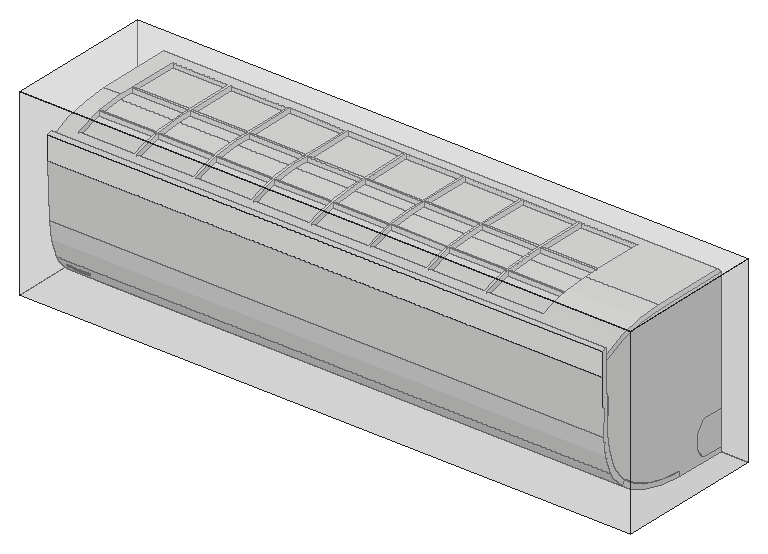
Revit family "outputfile", category 機械設備, Revit 2024
Family settings
  丸型コネクタ寸法 = 半径を使用
  パーツ タイプ = 標準
  OmniClass 番号 = 23.75.10.24.21.27.27
  OmniClass タイトル = Split System Air Conditioning Units
  作業面ベース = いいえ
  常に垂直 = はい
  ロード時にボイドで切り取り = いいえ
  注釈の向きを維持 = いいえ
  共有 = いいえ
  部屋計算ポイント = いいえ
Parameters (values of type "FTKM60XVMG")
  Description = ""
  書き出し IFC クラス(タイプ) = "IfcUnitaryEquipmentType"
  定義済み IFC タイプ(タイプ) = "AIRCONDITIONINGUNIT"
  Cost = 0
  Type Comments = ""
  Keynote = ""
  Type Image = (empty or 0)
  Assembly Code = ""
  w_wall hole = if(Width = 770.0 mm, 48.0 mm, 60.0 mm)  # 60.0 mm
  製造元 = "Daikin"
  モデル = "FTKM60XVMG"
  switch_frequency = yes
  r_Liquid Pipe Size = Liquid Pipe Size / 2  # 3.2 mm
  r_Gas Pipe Size = Gas Pipe Size / 2  # 7.95 mm
  r_Drain Pipe Size = Drain Pipe Size / 2  # 8.0 mm
  lw_powersupply [instance] = if(Width = 770.0 mm, if(or(Rear Right Connection_refrigerant, Bottom Right Connection_refrigerant), 25.0 mm, if(or(Rear Left Connection_refrigerant, Bottom Left Connection_refrigerant), 745.0 mm, 400.0 mm)), if(Width = 990.0 mm, if(or(Rear Right Connection_refrigerant, Bottom Right Connection_refrigerant), 40.0 mm, if(or(Rear Left Connection_refrigerant, Bottom Left Connection_refrigerant), 920.0 mm, 400.0 mm)), if(or(Rear Right Connection_refrigerant, Bottom Right Connection_refrigerant), 40.0 mm, if(or(Rear Left Connection_refrigerant, Bottom Left Connection_refrigerant), 920.0 mm, 400.0 mm))))  # 400.0 mm
  lw_liquidpipe [instance] = if(Width = 770.0 mm, if(or(Rear Right Connection_refrigerant, Bottom Right Connection_refrigerant), 0.0 mm, if(or(Rear Left Connection_refrigerant, Bottom Left Connection_refrigerant), 664.0 mm, 385.0 mm)), if(Width = 990.0 mm, if(or(Rear Right Connection_refrigerant, Bottom Right Connection_refrigerant), 0.0 mm, if(or(Rear Left Connection_refrigerant, Bottom Left Connection_refrigerant), 664.0 mm + (990.0 mm - 770.0 mm), 475.0 mm)), if(or(Rear Right Connection_refrigerant, Bottom Right Connection_refrigerant), 0.0 mm, if(or(Rear Left Connection_refrigerant, Bottom Left Connection_refrigerant), 664.0 mm + (990.0 mm - 770.0 mm), 475.0 mm))))  # 475.0 mm
  lw_gaspipe [instance] = if(Width = 770.0 mm, if(or(Rear Right Connection_refrigerant, Bottom Right Connection_refrigerant), 0.0 mm, if(or(Rear Left Connection_refrigerant, Bottom Left Connection_refrigerant), 675.0 mm, if(Gas Pipe Size = 12.7 mm, 345.0 mm, 335.0 mm))), if(Width = 990.0 mm, if(or(Rear Right Connection_refrigerant, Bottom Right Connection_refrigerant), 10.0 mm, if(or(Rear Left Connection_refrigerant, Bottom Left Connection_refrigerant), 890.0 mm, if(Gas Pipe Size = 15.9 mm, 400.0 mm, 400.0 mm))), if(or(Rear Right Connection_refrigerant, Bottom Right Connection_refrigerant), 10.0 mm, if(or(Rear Left Connection_refrigerant, Bottom Left Connection_refrigerant), 890.0 mm, if(Gas Pipe Size = 15.9 mm, 400.0 mm, 400.0 mm)))))  # 400.0 mm
  lw_drainpipe [instance] = if(Width = 770.0 mm, if(or(Rear Right Connection_refrigerant, Bottom Right Connection_refrigerant), 0.0 mm, if(or(Rear Left Connection_refrigerant, Bottom Left Connection_refrigerant), 770.0 mm - 48.0 mm - 48.0 mm, 440.0 mm)), if(Width = 990.0 mm, if(or(Rear Right Connection_refrigerant, Bottom Right Connection_refrigerant), 0.0 mm, if(or(Rear Left Connection_refrigerant, Bottom Left Connection_refrigerant), 675.0 mm + (990.0 mm - 770.0 mm), 435.0 mm)), if(or(Rear Right Connection_refrigerant, Bottom Right Connection_refrigerant), 0.0 mm, if(or(Rear Left Connection_refrigerant, Bottom Left Connection_refrigerant), 675.0 mm + (990.0 mm - 770.0 mm), 435.0 mm))))  # 435.0 mm
  l_powersupply_length [instance] = if(Width = 770.0 mm, if(Right Connection_refrigerant, 400.0 mm, if(Left Connection_refrigerant, 770.0 mm - 400.0 mm, if(or(Rear Left Connection_refrigerant, Rear Right Connection_refrigerant), 15.0 mm, 50.0 mm))), if(Width = 990.0 mm, if(Right Connection_refrigerant, 400.0 mm, if(Left Connection_refrigerant, 990.0 mm - 400.0 mm, if(or(Rear Left Connection_refrigerant, Rear Right Connection_refrigerant), 15.0 mm, 50.0 mm))), if(Right Connection_refrigerant, 400.0 mm, if(Left Connection_refrigerant, 990.0 mm - 400.0 mm, if(or(Rear Left Connection_refrigerant, Rear Right Connection_refrigerant), 15.0 mm, 50.0 mm)))))  # 400.0 mm
  l_liquidpipe_length [instance] = if(Width = 770.0 mm, if(Right Connection_refrigerant, 433.0 mm, if(Left Connection_refrigerant, 337.0 mm, if(or(Rear Left Connection_refrigerant, Rear Right Connection_refrigerant), 30.0 mm, 40.0 mm))), if(Width = 990.0 mm, if(Right Connection_refrigerant, 535.0 mm, if(Left Connection_refrigerant, 455.0 mm, if(or(Rear Left Connection_refrigerant, Rear Right Connection_refrigerant), 30.0 mm, 40.0 mm))), if(Right Connection_refrigerant, 535.0 mm, if(Left Connection_refrigerant, 455.0 mm, if(or(Rear Left Connection_refrigerant, Rear Right Connection_refrigerant), 30.0 mm, 40.0 mm)))))  # 535.0 mm
  l_gaspipe_length [instance] = if(Width = 770.0 mm, if(Right Connection_refrigerant, if(Gas Pipe Size = 12.7 mm, 393.0 mm, 383.0 mm), if(Left Connection_refrigerant, if(Gas Pipe Size = 12.7 mm, 770.0 mm - 393.0 mm, 770.0 mm - 383.0 mm), if(or(Rear Left Connection_refrigerant, Rear Right Connection_refrigerant), 40.0 mm, 50.0 mm))), if(Width = 990.0 mm, if(Right Connection_refrigerant, if(Gas Pipe Size = 15.9 mm, 460.0 mm, 460.0 mm), if(Left Connection_refrigerant, if(Gas Pipe Size = 15.9 mm, 990.0 mm - 460.0 mm, 990.0 mm - 460.0 mm), if(or(Rear Left Connection_refrigerant, Rear Right Connection_refrigerant), 40.0 mm, 50.0 mm))), if(Right Connection_refrigerant, if(Gas Pipe Size = 15.9 mm, 460.0 mm, 460.0 mm), if(Left Connection_refrigerant, if(Gas Pipe Size = 15.9 mm, 990.0 mm - 460.0 mm, 990.0 mm - 460.0 mm), if(or(Rear Left Connection_refrigerant, Rear Right Connection_refrigerant), 40.0 mm, 50.0 mm)))))  # 460.0 mm
  l_drainpipe_length [instance] = if(Width = 770.0 mm, if(Right Connection_refrigerant, 488.0 mm, if(Left Connection_refrigerant, 282.0 mm, if(or(Rear Left Connection_refrigerant, Rear Right Connection_refrigerant), 15.0 mm, 20.0 mm))), if(Width = 990.0 mm, if(Right Connection_refrigerant, 495.0 mm, if(Left Connection_refrigerant, 495.0 mm, if(or(Rear Left Connection_refrigerant, Rear Right Connection_refrigerant), 15.0 mm, 20.0 mm))), if(Right Connection_refrigerant, 495.0 mm, if(Left Connection_refrigerant, 495.0 mm, if(or(Rear Left Connection_refrigerant, Rear Right Connection_refrigerant), 15.0 mm, 20.0 mm)))))  # 495.0 mm
  h*** = 0.0 mm  # constant formula
  connector_voltage = Voltage_50Hz  # 230 V
  connector_powerinput = [Power Input (Cooling)]  # 0.000 kW
  connector_phase = Phase_50Hz  # 1
  angle_vertical [instance] = if(or(Bottom Left Connection_refrigerant, Bottom Right Connection_refrigerant), 0.00°, 90.00°)  # 90.00°
  angle_horizontal [instance] = if(Right Connection_refrigerant, 90.00°, if(Left Connection_refrigerant, -90.00°, if(or(Rear Left Connection_refrigerant, Rear Right Connection_refrigerant), 180.00°, 0.00°)))  # 90.00°
  Width = 990.0 mm
  Voltage_comment_50Hz = "220 - 240"
  Voltage_50Hz = 230 V
  Version = "ver.1.0"
  Unit Type = "Wall Mounted"
  Unit Mass Weight = 13.00 kg
  Unit Designation [instance] = ""
  Uniclass2015Version = "Products v1.30"
  Uniclass2015Title = "Split coil room air conditioning units"
  Uniclass2015Code = "Pr_70_65_03_86"
  URL = ""
  Total Cooling Capacity [instance] = 0.000 kW
  Sound Pressure Level_M speed (dBA) = 40
  Sound Pressure Level_L speed (dBA) = 35
  Sound Pressure Level_H speed (dBA) = 48
  Sound Power Level_H speed (dB) = 0
  Series = "Single Split_Fan Coil Unit"
  Sensible Cooling Capacity [instance] = 0.000 kW
  Refrigerant Type = "R32"
  Power Input (Cooling) = 0.000 kW
  Phase_50Hz = 1
  Option Accessory 3 [instance] = ""
  Option Accessory 2 [instance] = ""
  Option Accessory 1 [instance] = ""
  Nominal Cooling Capacity = 6.000 kW
  Minimum Circuit Amps_50Hz = 0.0 A
  Minimum Airflow = 648.00 m³/h
  Median Airflow = 876.00 m³/h
  Maximum Fuse Amps_50Hz = 0.0 A
  Maximum Airflow = 1140.00 m³/h
  Material_Casing = DAIKIN_White_Casing_indoorunit
  Load Classification = HVAC
  Liquid Pipe Size = 6.4 mm
  Link_Nested Family [instance] = ""
  IfcVersion = ""
  IfcExportType = "AIRCONDITIONINGUNIT"
  IfcExportAs = "IfcUnitaryEquipmentType"
  Height = 295.0 mm
  Heat Exchanger Type = "Cross Fin Coil"
  Gas Pipe Size = 15.9 mm
  Frequency_50Hz = 50 Hz
  Fan Type = "Cross Flow Fan"
  Fan Drive = "Direct Drive"
  FCU Tag No. [instance] = ""
  Drain Pipe Size = 16.0 mm
  Design Supply Airflow [instance] = 0.00 m³/h
  Depth = 263.0 mm
  既定の高さ = 0.0 mm
  Cooling Entering Wet Bulb Temperature [instance] = 0.00 °C
  Cooling Entering Dry Bulb Temperature [instance] = 0.00 °C
  Cooling Ambient Wet Bulb Temperature [instance] = 0.00 °C
  Cooling Ambient Dry Bulb Temperature [instance] = 0.00 °C
  Clearance visibility [instance] = yes
  Clearance Top = 30.0 mm
  Clearance Right = 50.0 mm
  Clearance Rear = 0.0 mm
  Clearance Left = 50.0 mm
  Clearance Front = 0.0 mm
  Clearance Bottom = 0.0 mm
  Bottom Right Connection_refrigerant [instance] = no
  Bottom Left Connection_refrigerant [instance] = no
  Rear Right Connection_refrigerant [instance] = no
  Rear Left Connection_refrigerant [instance] = no
  Right Connection_refrigerant [instance] = yes
  Left Connection_refrigerant [instance] = no
Reference planes
  plane 1 "Back": y = 0
  plane 2: z = 0
  plane 3 "Center (Left/Right)": x = 0
  plane 4 "Center (Front/Back)": y = -131.5
  plane 5 "Front": y = -263
  plane 6 "Left": x = -495
  plane 7 "Right": x = 495
  plane 8 "Top": z = 0
  plane 9 "Bottom": z = -295
  plane 10: x = -545
  plane 11: x = 545
  plane 12: y = 0
  plane 13: y = -263
  plane 14: z = 30
  plane 15: z = -295
  plane 16 "lw_Piping and Wiring intake": x = 435
  plane 17 "lw_gaspipe": x = 35
  plane 18 "lw_liquidpipe": x = -40
  plane 19 "lw_drainpipe": x = 0
  plane 20 "lh_drainpipe": z = -275
  plane 21 "lh_liquidpipe": z = -255
  plane 22 "lh_gaspipe": z = -245
  plane 23 "ld_drainpipe": y = -15
  plane 24 "ld_liquidpipe": y = -30
  plane 25 "ld_gaspipe": y = -40
  plane 26 "lw_powersupply": x = 95
Dimensions and locks
  equal spacing: plane 6 "Left", plane 3 "Center (Left/Right)", plane 7 "Right"
  "Width": plane 6 "Left" to plane 7 "Right"
  equal spacing: plane 5 "Front", plane 4 "Center (Front/Back)", plane 1 "Back"
  "Depth": plane 5 "Front" to plane 1 "Back"
  "Height": plane 8 "Top" to plane 9 "Bottom"
  "Clearance Rear": plane 12 to plane 1 "Back"
  "Clearance Front": plane 13 to plane 5 "Front"
  "Clearance Top": plane 14 to plane 8 "Top"
  "Clearance Bottom": plane 9 "Bottom" to plane 15
  "w_wall hole": plane 16 "lw_Piping and Wiring intake" to plane 7 "Right"
  "lw_gaspipe": plane 17 "lw_gaspipe" to plane 16 "lw_Piping and Wiring intake"
  "lw_liquidpipe": plane 18 "lw_liquidpipe" to plane 16 "lw_Piping and Wiring intake"
  "lw_drainpipe": plane 19 "lw_drainpipe" to plane 16 "lw_Piping and Wiring intake"
  locked: plane 20 "lh_drainpipe" to plane 9 "Bottom" at 20
  locked: plane 21 "lh_liquidpipe" to plane 9 "Bottom" at 40
  locked: plane 22 "lh_gaspipe" to plane 9 "Bottom" at 50
  locked: plane 23 "ld_drainpipe" to plane 1 "Back" at 15
  locked: plane 1 "Back" to plane 24 "ld_liquidpipe" at 30
  locked: plane 1 "Back" to plane 25 "ld_gaspipe" at 40
  "lw_powersupply": plane 26 "lw_powersupply" to plane 7 "Right"
  "Clearance Left": plane 10 to plane 6 "Left"
  "Clearance Right": plane 7 "Right" to plane 11
  aligned and locked: level to plane 2
  aligned and locked: plane 12 to nested 1
  aligned and locked: nested 1 to plane 13
  aligned and locked: plane 10 to nested 1
  aligned and locked: plane 11 to nested 1
  aligned and locked: plane 15 to nested 1
  aligned and locked: plane 14 to nested 1
  aligned and locked: plane 17 "lw_gaspipe" to nested 2
  aligned and locked: nested 2 to plane 25 "ld_gaspipe"
  aligned and locked: plane 18 "lw_liquidpipe" to nested 3
  aligned and locked: nested 3 to plane 24 "ld_liquidpipe"
  aligned and locked: plane 19 "lw_drainpipe" to nested 4
  aligned and locked: nested 4 to plane 23 "ld_drainpipe"
  aligned and locked: nested 5 to plane 23 "ld_drainpipe"
  aligned and locked: plane 26 "lw_powersupply" to nested 5
  aligned and locked: level to plane 8 "Top"
  aligned and locked: plane 3 "Center (Left/Right)" to nested 6
  aligned and locked: plane 1 "Back" to nested 6
  aligned and locked: plane 8 "Top" to nested 6
Nested families
  nested 1: "daikin_clearancespace" at (0, -131.5, -132.381), show <- "Clearance visibility", visible <- "Clearance visibility", Link_Nested Family <- "Link_Nested Family", type "daikin_clearancespace"
    with width 1090.0 mm, show yes, height 325.0 mm, depth 263.0 mm, Link_Nested Family ""
  nested 2: "daikin_connector_rotate3" at (35, -40, -245), angle_vertical <- "angle_vertical", angle_horizontal <- "angle_horizontal", length <- "l_gaspipe_length", radius <- "r_Gas Pipe Size", type "daikin_connector_rotate3"
    with show no, radius 7.95 mm, length 460.0 mm, angle_vertical 90.00°, angle_horizontal 90.00°
  nested 3: "daikin_connector_rotate3" at (-40, -30, -255), angle_vertical <- "angle_vertical", angle_horizontal <- "angle_horizontal", radius <- "r_Liquid Pipe Size", length <- "l_liquidpipe_length", type "daikin_connector_rotate3"
    with show no, radius 3.2 mm, length 535.0 mm, angle_vertical 90.00°, angle_horizontal 90.00°
  nested 4: "daikin_connector_rotate3" at (0, -15, -275), angle_vertical <- "angle_vertical", angle_horizontal <- "angle_horizontal", length <- "l_drainpipe_length", radius <- "r_Drain Pipe Size", type "daikin_connector_rotate3"
    with show no, radius 8.0 mm, length 495.0 mm, angle_vertical 90.00°, angle_horizontal 90.00°
  nested 5: "daikin_connector_rotate3" at (95, -15, -245), angle_vertical <- "angle_vertical", angle_horizontal <- "angle_horizontal", length <- "l_powersupply_length", type "daikin_connector_rotate3"
    with show no, radius 10.0 mm, length 400.0 mm, angle_vertical 90.00°, angle_horizontal 90.00°
  nested 6: "DAIKIN_indoorunit_FTKM-XVMG" at (-31, 0, 0), type "FTKM-XVMG"
    with switch_unit1_50-71 yes, switch_unit1_25-35 no, Width 990.0 mm, WALL HOLE-R 60.0 mm, WALL HOLE Size 80.0 mm, Height 295.0 mm
Connectors
  piping at (495, -40, -245), diameter 15.9, driven by "r_Gas Pipe Size"
    settings: on nested 2, index 1, connector inside diameter 609.6 mm, connector length 0.0 mm, flow factor 0, pipe flow 0.00 m³/h, pressure drop 0.0 Pa, fitting loss kfactor 0, connector angle 0.00°, fixture units 0, engagement length 0.0 mm, angle of deflection 0.00°, flow configuration 1, flow direction 2, fitting loss method 0, system type 29, joint type 0, gender type 0, connector reference index -1, connector utility 0, adjustable connector no, is connector primary yes, connector description "Refrigerant Gas Piping"
  piping at (495, -30, -255), diameter 6.4, driven by "r_Liquid Pipe Size"
    settings: on nested 3, index 2, connector inside diameter 609.6 mm, connector length 0.0 mm, flow factor 0, pipe flow 0.00 m³/h, pressure drop 0.0 Pa, fitting loss kfactor 0, connector angle 0.00°, fixture units 0, engagement length 0.0 mm, angle of deflection 0.00°, flow configuration 1, flow direction 1, fitting loss method 0, system type 29, joint type 0, gender type 0, connector reference index -1, connector utility 0, adjustable connector no, is connector primary no, connector description "Refrigerant Liquid Piping"
  piping at (495, -15, -275), diameter 16, driven by "r_Drain Pipe Size"
    settings: on nested 4, index 3, connector inside diameter 609.6 mm, connector length 0.0 mm, flow factor 0, pipe flow 0.00 m³/h, pressure drop 0.0 Pa, fitting loss kfactor 0, connector angle 0.00°, fixture units 0, engagement length 0.0 mm, angle of deflection 0.00°, flow configuration 1, flow direction 2, fitting loss method 4, system type 16, joint type 0, gender type 0, connector reference index -1, connector utility 0, adjustable connector no, is connector primary no, connector description "Condensate Drain Piping"
  electrical at (495, -15, -245), driven by "Load Classification", driven by "connector_powerinput", driven by "connector_voltage", driven by "connector_phase"
    settings: on nested 5, index 4, voltage 230 V, apparent load 0 VA, apparent load phase1 0 VA, apparent load phase2 0 VA, apparent load phase3 0 VA, power factor 1, load classification "HVAC", number of poles 1, system type 30, power factor state 1, is connector primary yes, connector utility no, sub classification motor no, connector description "Power Supply"
Definition of nested family "daikin_clearancespace"
  Parameters (values of type "daikin_clearancespace")
    Description = "daikin_clearancespace"
    width [instance] = 1823.963 mm
    show [instance] = yes
    material = none
    height [instance] = 1359.762 mm
    depth [instance] = 880.0 mm
    Default Elevation = 0.0 mm
    Link_Nested Family [instance] = ""
  Reference planes
    plane 1 "Center (Front/Back)": y = 0
    plane 2 "Center (Elevation)": z = -0.119
    plane 3 "Center (Left/Right)": x = 0
    plane 4: y = 440
    plane 5: y = -440
    plane 6 "Right": x = 911.982
    plane 7 "Left": x = -911.982
    plane 8 "Top": z = 679.762
    plane 9 "Bottom": z = -680
  Forms (mm)
    Extrusion 1, solid, material <- "material", visible <- "show"
      sketch origin (0, 0, 0) x (1, 0, 0) y (0, 1, 0)
        loop
          line (-911.982, 440) -> (-911.982, -440) -> (911.982, -440) -> (911.982, 440) -> (-911.982, 440)
      from -680 to 679.762
  Lines and regions (mm)
    symbolic lines, visible <- "show"
      curve 1: line (911.982, 440, 0) -> (-911.982, 440, 0)
      curve 2: line (-911.982, 440, 0) -> (-911.982, -440, 0)
      curve 3: line (-911.982, -440, 0) -> (911.982, -440, 0)
      curve 4: line (911.982, -440, 0) -> (911.982, 440, 0)
      curve 5: line (911.982, 0, 679.762) -> (-911.982, 0, 679.762)
      curve 6: line (911.982, 0, -680) -> (911.982, 0, 679.762)
      curve 7: line (-911.982, 0, -680) -> (911.982, 0, -680)
      curve 8: line (-911.982, 0, 679.762) -> (-911.982, 0, -680)
      curve 9: line (0, 440, 679.762) -> (0, -440, 679.762)
      curve 10: line (0, -440, 679.762) -> (0, -440, -680)
      curve 11: line (0, 440, -680) -> (0, 440, 679.762)
      curve 12: line (0, -440, -680) -> (0, 440, -680)
  Dimensions and locks
    "width": plane 7 "Left" to plane 6 "Right"
    "depth": plane 4 to plane 5
    "height": plane 8 "Top" to plane 9 "Bottom"
    equal spacing: plane 7 "Left", plane 3 "Center (Left/Right)", plane 6 "Right"
    equal spacing: plane 4, plane 1 "Center (Front/Back)", plane 5
    equal spacing: plane 8 "Top", plane 2 "Center (Elevation)", plane 9 "Bottom"
    aligned and locked: level to plane 2 "Center (Elevation)"
    aligned and locked: Extrusion 1 sketch curve to plane 4
    aligned and locked: plane 7 "Left" to Extrusion 1 sketch curve
    aligned and locked: Extrusion 1 sketch curve to plane 5
    aligned and locked: Extrusion 1 sketch curve to plane 6 "Right"
    aligned and locked: plane 8 "Top" to Extrusion 1
    aligned and locked: curve 1 to Extrusion 1
    aligned and locked: curve 2 to Extrusion 1
    aligned and locked: curve 3 to Extrusion 1
    aligned and locked: curve 4 to Extrusion 1
    aligned and locked: curve 5 to Extrusion 1
    aligned and locked: curve 6 to Extrusion 1
    aligned and locked: curve 7 to Extrusion 1
    aligned and locked: curve 8 to Extrusion 1
    aligned and locked: curve 9 to Extrusion 1
    aligned and locked: curve 10 to Extrusion 1
    aligned and locked: curve 11 to Extrusion 1
    aligned and locked: curve 12 to Extrusion 1
    aligned and locked: Extrusion 1 to plane 9 "Bottom"
Definition of nested family "DAIKIN_indoorunit_FTKM-XVMG"
  Parameters (values of type "FTKM-XVMG")
    switch_unit1_50-71 = Width = 990.0 mm  # no
    switch_unit1_25-35 = Width = 770.0 mm  # yes
    Width = 770.0 mm
    WALL HOLE-R = if(Width = 770.0 mm, 48.0 mm, 60.0 mm)  # 48.0 mm
    WALL HOLE Size = if(Width = 770.0 mm, 65.0 mm, 80.0 mm)  # 65.0 mm
    Material_Casing = none
    Height = if(Width = 770.0 mm, 285.0 mm, 295.0 mm)  # 285.0 mm
    Default Elevation = 0.0 mm
  Reference planes
    plane 1 "Center (Front/Back)": y = 0
    plane 2 "reference_level": z = 0
    plane 3 "Center (Left/Right)": x = 31
    plane 4: x = -354
    plane 5: x = 416
    plane 6: z = -285
  Forms (mm)
    Extrusion 1, solid, material <- "Material_Casing", visible <- "switch_unit1_25-35"
      sketch origin (29, 0, 0) x (0, 1, 0) y (0, 0, 1)
        loop
          line (-5, 0) -> (-98, 0)
          arc (-98, 0) -> (-157.611, -7.211) -> (-213.783, -28.427) r 250
          arc (-213.783, -28.427) -> (-213.842, -32.972) -> (-213.892, -37.516) r 2191
          arc (-213.892, -37.516) -> (-157.832, -15.495) -> (-98.07, -8) r 242
          line (-98.07, -8) -> (0, -8) -> (-5, 0)
      from -383 to 387
    Extrusion 2, solid, material <- "Material_Casing", visible <- "switch_unit1_25-35"
      sketch origin (416, 1296.25, 1200) x (0, 1, 0) y (0, 0, 1)
        loop
          line (-1472.998, -1446.91) -> (-1476.998, -1453.839)
          arc (-1476.998, -1453.839) -> (-1437.481, -1472.422) -> (-1395.25, -1483.538) r 240
          line (-1395.25, -1483.538) -> (-1395.25, -1475.422)
          arc (-1395.25, -1475.422) -> (-1435.407, -1464.663) -> (-1472.998, -1446.91) r 232
      from 0 to -47.5
    Extrusion 3, solid, material <- "Material_Casing", visible <- "switch_unit1_25-35"
      sketch origin (29, 0, 0) x (0, 1, 0) y (0, 0, 1)
        loop
          arc (-223, -60.455) -> (-222.414, -110.646) -> (-220.656, -160.81) r 2149.92
          arc (-220.656, -160.81) -> (-219.65, -174.299) -> (-217.853, -187.706) r 229.911
          arc (-217.853, -187.706) -> (-205.371, -223.594) -> (-181.517, -253.17) r 111
          line (-181.517, -253.17) -> (-177.429, -246.093)
          arc (-177.429, -246.093) -> (-198.77, -218.989) -> (-209.965, -186.36) r 103
          arc (-209.965, -186.36) -> (-211.681, -173.586) -> (-212.651, -160.735) r 221.844
          arc (-212.651, -160.735) -> (-214.739, -93.233) -> (-214.74, -25.699) r 2186.828
          arc (-214.74, -25.699) -> (-214.671, -21.467) -> (-214.594, -17.235) r 2192
          line (-214.594, -17.235) -> (-223, -19.961) -> (-223, -60.455)
      from -383 to 387
    Extrusion 4, solid, material <- "Material_Casing", visible <- "switch_unit1_25-35"
      sketch origin (29, 0, -20) x (0, 1, 0) y (0, 0, 1)
        loop
          line (0, -265) -> (0, 12) -> (-98.07, 12)
          arc (-98.07, 12) -> (-157.832, 4.505) -> (-213.892, -17.516) r 242
          arc (-213.892, -17.516) -> (-213.638, -79.114) -> (-211.653, -140.681) r 2191
          arc (-211.653, -140.681) -> (-210.685, -153.501) -> (-208.973, -166.243) r 221
          arc (-208.973, -166.243) -> (-197.471, -199.282) -> (-175.482, -226.491) r 102
          arc (-175.482, -226.491) -> (-138.004, -244.019) -> (-98, -254.579) r 231
          line (-98, -254.579) -> (-98, -265) -> (0, -265)
      from -383 to 387
    Extrusion 5, solid, material <- "Material_Casing", visible <- "switch_unit1_25-35"
      sketch origin (-354, 1296.25, 1200) x (0, 1, 0) y (0, 0, 1)
        loop
          line (-1472.998, -1446.91) -> (-1476.998, -1453.839)
          arc (-1476.998, -1453.839) -> (-1437.481, -1472.422) -> (-1395.25, -1483.538) r 240
          line (-1395.25, -1483.538) -> (-1395.25, -1475.422)
          arc (-1395.25, -1475.422) -> (-1435.407, -1464.663) -> (-1472.998, -1446.91) r 232
      from 47 to 0
    Extrusion 6, solid, material <- "Material_Casing", visible <- "switch_unit1_25-35"
      sketch origin (416, 1296.25, 1200) x (0, 1, 0) y (0, 0, 1)
        loop
          line (-1472.998, -1446.91) -> (-1476.998, -1453.839)
          arc (-1476.998, -1453.839) -> (-1443.437, -1470.168) -> (-1407.75, -1481.097) r 240
          line (-1407.75, -1481.097) -> (-1407.75, -1472.894)
          arc (-1407.75, -1472.894) -> (-1441.363, -1462.385) -> (-1472.998, -1446.91) r 232
      from -116.993 to -48.493
    Extrusion 7, solid, material <- "Material_Casing", visible <- "switch_unit1_25-35"
      sketch origin (416, 1296.25, 1200) x (0, 1, 0) y (0, 0, 1)
        loop
          line (-1472.998, -1446.91) -> (-1476.998, -1453.839)
          arc (-1476.998, -1453.839) -> (-1443.437, -1470.168) -> (-1407.75, -1481.097) r 240
          line (-1407.75, -1481.097) -> (-1407.75, -1472.894)
          arc (-1407.75, -1472.894) -> (-1441.363, -1462.385) -> (-1472.998, -1446.91) r 232
      from -717 to -121.993
    Extrusion 8, void
      sketch origin (31, 0, -235) x (1, 0, 0) y (0, 1, 0)
        loop
          line (-252.674, -22.316) -> (-354.941, -22.316) -> (-354.941, -91.341) -> (-252.674, -91.341) -> (-252.674, -22.316)
        loop
          line (-249.341, -91.341) -> (-151.574, -91.341) -> (-151.574, -22.316) -> (-249.341, -22.316) -> (-249.341, -91.341)
        loop
          line (58.309, -22.316) -> (-148.309, -22.316) -> (-148.309, -91.341) -> (58.309, -91.341) -> (58.309, -22.316)
        loop
          line (61.689, -22.316) -> (61.689, -91.341) -> (159.457, -91.341) -> (159.457, -22.316) -> (61.689, -22.316)
        loop
          line (162.789, -22.316) -> (162.789, -91.341) -> (265.057, -91.341) -> (265.057, -22.316) -> (162.789, -22.316)
        loop
          line (-354.941, -94.659) -> (-354.941, -165.259) -> (-252.674, -165.259) -> (-252.674, -94.659) -> (-354.941, -94.659)
        loop
          line (-249.341, -94.659) -> (-249.341, -165.259) -> (-151.574, -165.259) -> (-151.574, -94.659) -> (-249.341, -94.659)
        loop
          line (-148.309, -94.659) -> (-148.309, -165.259) -> (58.309, -165.259) -> (58.309, -94.659) -> (-148.309, -94.659)
        loop
          line (61.689, -94.659) -> (61.689, -165.259) -> (159.457, -165.259) -> (159.457, -94.659) -> (61.689, -94.659)
        loop
          line (162.789, -94.659) -> (162.789, -165.259) -> (265.057, -165.259) -> (265.057, -94.659) -> (162.789, -94.659)
        loop
          line (-354.941, -167.382) -> (-354.941, -192.681) -> (-252.674, -192.681) -> (-252.674, -167.382) -> (-354.941, -167.382)
        loop
          line (-249.341, -167.382) -> (-249.341, -192.681) -> (-151.574, -192.681) -> (-151.574, -167.382) -> (-249.341, -167.382)
        loop
          line (-148.309, -167.382) -> (-148.309, -192.681) -> (58.309, -192.681) -> (58.309, -167.382) -> (-148.309, -167.382)
        loop
          line (159.457, -167.382) -> (61.689, -167.382) -> (61.689, -192.681) -> (159.457, -192.681) -> (159.457, -167.382)
        loop
          line (265.057, -167.382) -> (162.789, -167.382) -> (162.789, -192.681) -> (265.057, -192.681) -> (265.057, -167.382)
      from 201.638 to 250
    Extrusion 9, solid, material <- "Material_Casing"
      sketch origin (31, 0, 0) x (1, 0, 0) y (0, 0, 1)
        loop
          circle (337, -240.5) r 32.5
        loop
          circle (-337, -240.5) r 32.5
      from 0 to 5
    Extrusion 10, solid, material <- "Material_Casing", visible <- "switch_unit1_25-35"
      sketch origin (416, 1296.25, 1200) x (0, -1, 0) y (0, 0, 1)
        loop
          line (1326.25, -1417) -> (1296.25, -1417) -> (1296.25, -1477) -> (1326.25, -1477)
          arc (1326.25, -1477) -> (1340.393, -1471.142) -> (1346.25, -1457) r 20
          line (1346.25, -1457) -> (1346.25, -1437)
          arc (1346.25, -1437) -> (1340.393, -1422.858) -> (1326.25, -1417) r 20
      from 0 to 5
    Extrusion 11, solid, material <- "Material_Casing", visible <- "switch_unit1_25-35"
      sketch origin (-354, 1296.25, 1200) x (0, 1, 0) y (0, 0, 1)
        loop
          line (-1296.25, -1417) -> (-1326.25, -1417)
          arc (-1326.25, -1417) -> (-1340.393, -1422.858) -> (-1346.25, -1437) r 20
          line (-1346.25, -1437) -> (-1346.25, -1457)
          arc (-1346.25, -1457) -> (-1340.393, -1471.142) -> (-1326.25, -1477) r 20
          line (-1326.25, -1477) -> (-1296.25, -1477) -> (-1296.25, -1417)
      from 0 to 5
    Extrusion 12, solid, material <- "Material_Casing", visible <- "switch_unit1_25-35"
      sketch origin (31, 0, -285) x (-1, 0, 0) y (0, -1, 0)
        loop
          line (-314, 0) -> (-314, 30)
          arc (-314, 30) -> (-319.858, 44.142) -> (-334, 50) r 20
          line (-334, 50) -> (-354, 50)
          arc (-354, 50) -> (-368.142, 44.142) -> (-374, 30) r 20
          line (-374, 30) -> (-374, 0) -> (-314, 0)
        loop
          line (374, 0) -> (374, 30)
          arc (374, 30) -> (368.142, 44.142) -> (354, 50) r 20
          line (354, 50) -> (334, 50)
          arc (334, 50) -> (319.858, 44.142) -> (314, 30) r 20
          line (314, 30) -> (314, 0) -> (374, 0)
      from 0 to 5
    Extrusion 13, solid, material <- "Material_Casing", visible <- "switch_unit1_50-71"
      sketch origin (31, 0, 0) x (0, 1, 0) y (0, 0, 1)
        loop
          line (-5, 0) -> (-138, 0)
          arc (-138, 0) -> (-197.611, -7.211) -> (-253.783, -28.427) r 250
          arc (-253.783, -28.427) -> (-253.838, -32.687) -> (-253.886, -36.946) r 2191
          arc (-253.886, -36.946) -> (-197.73, -15.346) -> (-138.014, -8) r 246.393
          line (-138.014, -8) -> (0, -8) -> (-5, 0)
      from -495 to 495
    Extrusion 14, solid, material <- "Material_Casing", visible <- "switch_unit1_50-71"
      sketch origin (418, 1296.25, 1200) x (0, 1, 0) y (0, 0, 1)
        loop
          arc (-1515.208, -1454.149) -> (-1506.856, -1460.599) -> (-1497.925, -1466.219) r 110
          arc (-1497.925, -1466.219) -> (-1445.718, -1487.493) -> (-1389.844, -1494.995) r 223
          line (-1389.844, -1494.995) -> (-1389.844, -1486.086) -> (-1404.386, -1486.086)
          arc (-1404.386, -1486.086) -> (-1449.542, -1477.46) -> (-1491.818, -1459.402) r 214.289
          arc (-1491.818, -1459.402) -> (-1501.056, -1453.541) -> (-1509.606, -1446.715) r 101
          line (-1509.606, -1446.715) -> (-1515.208, -1454.149)
      from 108 to 57.5
    Extrusion 15, solid, material <- "Material_Casing", visible <- "switch_unit1_50-71"
      sketch origin (31, 0, 0) x (0, 1, 0) y (0, 0, 1)
        loop
          line (-263, -19.962) -> (-263, -61.6)
          arc (-263, -61.6) -> (-262.414, -110.219) -> (-260.656, -158.81) r 2017.341
          arc (-260.656, -158.81) -> (-255.648, -191.935) -> (-244.041, -223.362) r 164.725
          arc (-244.041, -223.362) -> (-233.569, -239.793) -> (-219.717, -253.495) r 87.379
          line (-219.717, -253.495) -> (-214.706, -246.846)
          arc (-214.706, -246.846) -> (-229.564, -230.029) -> (-240.385, -210.371) r 102
          arc (-240.385, -210.371) -> (-249.049, -182.962) -> (-252.848, -154.467) r 165.789
          arc (-252.848, -154.467) -> (-254.771, -90.102) -> (-254.74, -25.708) r 2122.533
          arc (-254.74, -25.708) -> (-254.671, -21.469) -> (-254.594, -17.23) r 2192
          line (-254.594, -17.23) -> (-263, -19.962)
      from -495 to 495
    Extrusion 16, void
      sketch origin (33, 0, 0) x (1, 0, 0) y (0, 1, 0)
        loop
          line (-466.909, -22.316) -> (-466.909, -111.341) -> (-366.303, -111.341) -> (-366.303, -22.316) -> (-466.909, -22.316)
        loop
          line (-362.71, -22.316) -> (-362.71, -111.341) -> (-262.103, -111.341) -> (-262.103, -22.316) -> (-362.71, -22.316)
        loop
          line (-258.51, -22.316) -> (-258.51, -111.341) -> (-157.904, -111.341) -> (-157.904, -22.316) -> (-258.51, -22.316)
        loop
          line (-154.31, -22.316) -> (-154.31, -111.341) -> (-53.704, -111.341) -> (-53.704, -22.316) -> (-154.31, -22.316)
        loop
          line (-50.11, -22.316) -> (-50.11, -111.341) -> (50.496, -111.341) -> (50.496, -22.316) -> (-50.11, -22.316)
        loop
          line (54.089, -22.316) -> (54.089, -111.341) -> (154.696, -111.341) -> (154.696, -22.316) -> (54.089, -22.316)
        loop
          line (158.289, -22.316) -> (158.289, -111.341) -> (258.895, -111.341) -> (258.895, -22.316) -> (158.289, -22.316)
        loop
          line (262.489, -22.316) -> (262.489, -111.341) -> (363.095, -111.341) -> (363.095, -22.316) -> (262.489, -22.316)
        loop
          line (-466.909, -114.459) -> (-466.909, -185.059) -> (-366.303, -185.059) -> (-366.303, -114.459) -> (-466.909, -114.459)
        loop
          line (-362.71, -114.459) -> (-362.71, -185.059) -> (-262.103, -185.059) -> (-262.103, -114.459) -> (-362.71, -114.459)
        loop
          line (-258.51, -114.459) -> (-258.51, -185.059) -> (-157.904, -185.059) -> (-157.904, -114.459) -> (-258.51, -114.459)
        loop
          line (-154.31, -114.459) -> (-154.31, -185.059) -> (-53.704, -185.059) -> (-53.704, -114.459) -> (-154.31, -114.459)
        loop
          line (-50.11, -114.459) -> (-50.11, -185.059) -> (50.496, -185.059) -> (50.496, -114.459) -> (-50.11, -114.459)
        loop
          line (54.089, -114.459) -> (54.089, -185.059) -> (154.696, -185.059) -> (154.696, -114.459) -> (54.089, -114.459)
        loop
          line (158.289, -114.459) -> (158.289, -185.059) -> (258.895, -185.059) -> (258.895, -114.459) -> (158.289, -114.459)
        loop
          line (262.489, -114.459) -> (262.489, -185.059) -> (363.095, -185.059) -> (363.095, -114.459) -> (262.489, -114.459)
        loop
          line (-466.909, -187.382) -> (-466.909, -232.681) -> (-366.303, -232.681) -> (-366.303, -187.382) -> (-466.909, -187.382)
        loop
          line (-362.71, -187.382) -> (-362.71, -232.681) -> (-262.103, -232.681) -> (-262.103, -187.382) -> (-362.71, -187.382)
        loop
          line (-258.51, -187.382) -> (-258.51, -232.681) -> (-157.904, -232.681) -> (-157.904, -187.382) -> (-258.51, -187.382)
        loop
          line (-154.31, -187.382) -> (-154.31, -232.681) -> (-53.704, -232.681) -> (-53.704, -187.382) -> (-154.31, -187.382)
        loop
          line (-50.11, -187.382) -> (-50.11, -232.681) -> (50.496, -232.681) -> (50.496, -187.382) -> (-50.11, -187.382)
        loop
          line (54.089, -187.382) -> (54.089, -232.681) -> (154.696, -232.681) -> (154.696, -187.382) -> (54.089, -187.382)
        loop
          line (158.289, -187.382) -> (158.289, -232.681) -> (258.895, -232.681) -> (258.895, -187.382) -> (158.289, -187.382)
        loop
          line (262.489, -187.382) -> (262.489, -232.681) -> (363.095, -232.681) -> (363.095, -187.382) -> (262.489, -187.382)
      from -40.013 to 47.268
    Extrusion 17, solid, material <- "Material_Casing", visible <- "switch_unit1_50-71"
      sketch origin (-356, 1296.25, 1200) x (0, 1, 0) y (0, 0, -1)
        loop
          line (-1515.208, 1454.149) -> (-1509.606, 1446.715)
          arc (-1509.606, 1446.715) -> (-1501.056, 1453.541) -> (-1491.818, 1459.402) r 101
          arc (-1491.818, 1459.402) -> (-1449.542, 1477.46) -> (-1404.386, 1486.086) r 214.289
          line (-1404.386, 1486.086) -> (-1389.844, 1486.086) -> (-1389.844, 1494.995)
          arc (-1389.844, 1494.995) -> (-1445.718, 1487.493) -> (-1497.925, 1466.219) r 223
          arc (-1497.925, 1466.219) -> (-1506.856, 1460.599) -> (-1515.208, 1454.149) r 110
      from 108 to 61
    Extrusion 18, solid, material <- "Material_Casing", visible <- "switch_unit1_50-71"
      sketch origin (418, 1296.25, 1200) x (0, 1, 0) y (0, 0, 1)
        loop
          arc (-1515.208, -1454.149) -> (-1506.856, -1460.599) -> (-1497.925, -1466.219) r 110
          arc (-1497.925, -1466.219) -> (-1463.185, -1482.066) -> (-1426.25, -1491.755) r 223
          line (-1426.25, -1491.755) -> (-1426.25, -1483.166)
          arc (-1426.25, -1483.166) -> (-1460.008, -1473.969) -> (-1491.818, -1459.402) r 214.289
          arc (-1491.818, -1459.402) -> (-1501.056, -1453.541) -> (-1509.606, -1446.715) r 101
          line (-1509.606, -1446.715) -> (-1515.208, -1454.149)
      from 56.5 to -36.993
    Extrusion 19, solid, material <- "Material_Casing", visible <- "switch_unit1_50-71"
      sketch origin (418, 1296.25, 1200) x (0, 1, 0) y (0, 0, 1)
        loop
          arc (-1426.25, -1483.166) -> (-1443.442, -1479.224) -> (-1460.25, -1473.881) r 214.289
          line (-1460.25, -1473.881) -> (-1460.25, -1483.089)
          arc (-1460.25, -1483.089) -> (-1443.421, -1488.091) -> (-1426.25, -1491.755) r 223
          line (-1426.25, -1491.755) -> (-1426.25, -1483.166)
      from -43.493 to -828.893
    Extrusion 20, solid, material <- "Material_Casing", visible <- "switch_unit1_50-71"
      sketch origin (418, 1296.25, 1200) x (0, 1, 0) y (0, 0, 1)
        loop
          arc (-1515.208, -1454.149) -> (-1506.856, -1460.599) -> (-1497.925, -1466.219) r 110
          arc (-1497.925, -1466.219) -> (-1479.479, -1475.527) -> (-1460.25, -1483.089) r 223
          line (-1460.25, -1483.089) -> (-1460.25, -1473.881)
          arc (-1460.25, -1473.881) -> (-1476.328, -1467.282) -> (-1491.818, -1459.402) r 214.289
          arc (-1491.818, -1459.402) -> (-1501.056, -1453.541) -> (-1509.606, -1446.715) r 101
          line (-1509.606, -1446.715) -> (-1515.208, -1454.149)
      from -43.493 to -828.893
    Extrusion 21, solid, material <- "Material_Casing", visible <- "switch_unit1_50-71"
      sketch origin (31, 0, -30) x (0, 1, 0) y (0, 0, 1)
        loop
          line (0, 22) -> (-138.014, 22)
          arc (-138.014, 22) -> (-197.73, 14.654) -> (-253.886, -6.946) r 246.393
          arc (-253.886, -6.946) -> (-253.682, -65.635) -> (-251.855, -124.295) r 2120.935
          arc (-251.855, -124.295) -> (-248.086, -152.682) -> (-239.461, -179.988) r 164.789
          arc (-239.461, -179.988) -> (-228.903, -199.231) -> (-214.437, -215.738) r 101
          line (-214.437, -215.738) -> (-212.406, -216.221)
          arc (-212.406, -216.221) -> (-204.07, -222.837) -> (-195.079, -228.53) r 100
          arc (-195.079, -228.53) -> (-145.557, -248.629) -> (-92.593, -255.785) r 213.289
          line (-92.593, -255.785) -> (-92.593, -265) -> (0, -265) -> (0, 22)
      from -495 to 495
    Extrusion 22, solid, material <- "Material_Casing", visible <- "switch_unit1_50-71"
      sketch origin (526, 1296.25, 1200) x (0, -1, 0) y (0, 0, 1)
        loop
          line (1326.25, -1427.035) -> (1296.25, -1427.035) -> (1296.25, -1487.035) -> (1326.25, -1487.035)
          arc (1326.25, -1487.035) -> (1340.393, -1481.177) -> (1346.25, -1467.035) r 20
          line (1346.25, -1467.035) -> (1346.25, -1447.035)
          arc (1346.25, -1447.035) -> (1340.393, -1432.892) -> (1326.25, -1427.035) r 20
      from 0 to 5
    Extrusion 23, solid, material <- "Material_Casing", visible <- "switch_unit1_50-71"
      sketch origin (-459, 1296.25, 1200) x (0, -1, 0) y (0, 0, 1)
        loop
          line (1326.25, -1427.035) -> (1296.25, -1427.035) -> (1296.25, -1487.035) -> (1326.25, -1487.035)
          arc (1326.25, -1487.035) -> (1340.393, -1481.177) -> (1346.25, -1467.035) r 20
          line (1346.25, -1467.035) -> (1346.25, -1447.035)
          arc (1346.25, -1447.035) -> (1340.393, -1432.892) -> (1326.25, -1427.035) r 20
      from 0 to 5
    Extrusion 24, solid, material <- "Material_Casing", visible <- "switch_unit1_50-71"
      sketch origin (31, 200, -295) x (-1, 0, 0) y (0, -1, 0)
        loop
          line (469, 200) -> (469, 230)
          arc (469, 230) -> (463.142, 244.142) -> (449, 250) r 20
          line (449, 250) -> (429, 250)
          arc (429, 250) -> (414.858, 244.142) -> (409, 230) r 20
          line (409, 230) -> (409, 200) -> (469, 200)
        loop
          line (-469, 200) -> (-409, 200) -> (-409, 230)
          arc (-409, 230) -> (-414.858, 244.142) -> (-429, 250) r 20
          line (-429, 250) -> (-449, 250)
          arc (-449, 250) -> (-463.142, 244.142) -> (-469, 230) r 20
          line (-469, 230) -> (-469, 200)
      from 0 to 5
  Cuts and joins
    Extrusion 8 cuts Extrusion 1
    Extrusion 16 cuts Extrusion 13
  Lines and regions (mm)
    reference lines
      curve 1: line (-523, -201.911, -229.404) -> (-523, -193.542, -239.977)
      curve 2: line (-523, -240.779, -229.404) -> (-523, -232.411, -239.977)
  Dimensions and locks
    locked: Extrusion 10 sketch curve to Extrusion 10 sketch curve at 60
    locked: Extrusion 10 sketch curve to Extrusion 10 sketch curve at 50
    locked: Extrusion 12 sketch curve to Extrusion 12 sketch curve at 60  (x2)
    locked: Extrusion 12 sketch curve to Extrusion 12 sketch curve at 50
    equal spacing: plane 5, plane 3 "Center (Left/Right)", plane 4
    "Width": plane 5 to plane 4
    locked: Extrusion 9 sketch curve to plane 4 at 48
    "WALL HOLE-R": plane 5 to Extrusion 9 sketch curve
    "Height": plane 2 "reference_level" to plane 6
    locked: Extrusion 9 sketch curve to plane 6 at 44.5  (x2)
    locked: Extrusion 15 to nested 2 at 15
    locked: Extrusion 22 sketch curve to Extrusion 22 sketch curve at 60
    locked: Extrusion 22 sketch curve to Extrusion 22 sketch curve at 50
    locked: Extrusion 23 sketch curve to Extrusion 23 sketch curve at 60
    locked: Extrusion 23 sketch curve to Extrusion 23 sketch curve at 50
    locked: Extrusion 24 sketch curve to Extrusion 24 sketch curve at 60  (x2)
    locked: Extrusion 24 sketch curve to Extrusion 24 sketch curve at 50  (x2)
    "WALL HOLE Size": diameter of Extrusion 9 sketch curve  (x2)
    aligned and locked: level to plane 2 "reference_level"
    aligned and locked: nested 1 to curve 1
    aligned and locked: Extrusion 11 sketch curve to Extrusion 10  (x4)
    aligned and locked: Extrusion 12 sketch curve to Extrusion 12 sketch curve  (x2)
    aligned and locked: Extrusion 9 to plane 1 "Center (Front/Back)"
    aligned and locked: nested 2 to curve 2
  Automatic sketch dimensions
    curve 1 to level = 239.977 mm
    plane 1 "Center (Front/Back)" to curve 1 = 193.542 mm
    curve 2 to curve 1 = 0.0 mm
    curve 2 to curve 2 = 10.573 mm
    curve 1 to curve 1 = 10.573 mm
    curve 1 to curve 1 = 8.368 mm
    curve 1 to curve 2 = 30.5 mm
    curve 2 to curve 2 = 8.368 mm
    Extrusion 1 sketch curve to level = 0.0 mm
    Extrusion 1 sketch curve to plane 1 "Center (Front/Back)" = 0.0 mm
    plane 1 "Center (Front/Back)" to Extrusion 1 sketch curve = 5.0 mm
    plane 1 "Center (Front/Back)" to Extrusion 1 sketch curve = 98.0 mm
    Extrusion 1 sketch curve to Extrusion 1 sketch curve = 0.07 mm
    Extrusion 1 sketch curve to level = 59.292 mm
    Extrusion 1 sketch curve to plane 1 "Center (Front/Back)" = 1977.0 mm
    Extrusion 1 sketch curve to level = 250.0 mm
    Extrusion 1 sketch curve to Extrusion 1 sketch curve = 0.0 mm
    Extrusion 1 sketch curve to level = 8.0 mm
    Extrusion 1 sketch curve to level = 28.427 mm
    plane 1 "Center (Front/Back)" to Extrusion 2 sketch curve = 180.748 mm
    Extrusion 2 sketch curve to Extrusion 2 sketch curve = 4.0 mm
    Extrusion 2 sketch curve to Extrusion 2 sketch curve = 77.747 mm
    plane 1 "Center (Front/Back)" to Extrusion 2 sketch curve = 59.279 mm
    Extrusion 2 sketch curve to Extrusion 2 sketch curve = 0.0 mm
    Extrusion 2 sketch curve to level = 283.538 mm
    Extrusion 2 sketch curve to Extrusion 2 sketch curve = 8.116 mm
    Extrusion 2 sketch curve to Extrusion 2 sketch curve = 21.583 mm
    Extrusion 2 sketch curve to Extrusion 2 sketch curve = 6.929 mm
    Extrusion 3 sketch curve to level = 19.961 mm
    plane 1 "Center (Front/Back)" to Extrusion 3 sketch curve = 223.0 mm
    Extrusion 3 sketch curve to level = 17.235 mm
    Extrusion 3 sketch curve to Extrusion 3 sketch curve = 8.406 mm
    plane 1 "Center (Front/Back)" to Extrusion 3 sketch curve = 181.517 mm
    Extrusion 3 sketch curve to Extrusion 3 sketch curve = 4.087 mm
    Extrusion 3 sketch curve to Extrusion 3 sketch curve = 69.11 mm
    Extrusion 3 sketch curve to Extrusion 3 sketch curve = 0.001 mm
    Extrusion 3 sketch curve to plane 1 "Center (Front/Back)" = 8.955 mm
    Extrusion 3 sketch curve to Extrusion 3 sketch curve = 0.067 mm
    Extrusion 3 sketch curve to level = 60.455 mm
    Extrusion 3 sketch curve to Extrusion 3 sketch curve = 1917.898 mm
    Extrusion 3 sketch curve to Extrusion 3 sketch curve = 44.907 mm
    Extrusion 3 sketch curve to Extrusion 3 sketch curve = 5.172 mm
    Extrusion 3 sketch curve to level = 150.456 mm
    Extrusion 3 sketch curve to Extrusion 3 sketch curve = 0.006 mm
    Extrusion 3 sketch curve to Extrusion 3 sketch curve = 19.265 mm
    Extrusion 3 sketch curve to Extrusion 3 sketch curve = 0.004 mm
    Extrusion 3 sketch curve to Extrusion 3 sketch curve = 76.368 mm
    Extrusion 3 sketch curve to Extrusion 3 sketch curve = 7.077 mm
    Extrusion 3 sketch curve to Extrusion 3 sketch curve = 1.002 mm
    Extrusion 3 sketch curve to Extrusion 3 sketch curve = 0.046 mm
    Extrusion 3 sketch curve to Extrusion 3 sketch curve = 8.005 mm
    Extrusion 3 sketch curve to Extrusion 3 sketch curve = 0.147 mm
    Extrusion 3 sketch curve to Extrusion 3 sketch curve = 0.0 mm
    Extrusion 4 sketch curve to plane 1 "Center (Front/Back)" = 0.0 mm
    plane 1 "Center (Front/Back)" to Extrusion 4 sketch curve = 59.278 mm
    Extrusion 4 sketch curve to Extrusion 4 sketch curve = 98.0 mm
    Extrusion 4 sketch curve to Extrusion 4 sketch curve = 0.0 mm  (x3)
    Extrusion 4 sketch curve to level = 8.0 mm
    Extrusion 4 sketch curve to Extrusion 4 sketch curve = 38.791 mm
    Extrusion 4 sketch curve to Extrusion 4 sketch curve = 10.249 mm
    Extrusion 4 sketch curve to plane 1 "Center (Front/Back)" = 9.11 mm
    Extrusion 4 sketch curve to level = 59.292 mm
    Extrusion 4 sketch curve to Extrusion 4 sketch curve = 1967.89 mm
    Extrusion 4 sketch curve to Extrusion 4 sketch curve = 142.454 mm
    Extrusion 4 sketch curve to Extrusion 4 sketch curve = 19.271 mm
    Extrusion 4 sketch curve to Extrusion 4 sketch curve = 80.275 mm
    Extrusion 4 sketch curve to Extrusion 4 sketch curve = 24.579 mm
    Extrusion 4 sketch curve to Extrusion 4 sketch curve = 10.421 mm
    Extrusion 4 sketch curve to level = 46.847 mm
    Extrusion 4 sketch curve to Extrusion 4 sketch curve = 77.412 mm
    Extrusion 4 sketch curve to Extrusion 4 sketch curve = 33.49 mm
    Extrusion 4 sketch curve to Extrusion 4 sketch curve = 2.68 mm
    plane 1 "Center (Front/Back)" to Extrusion 5 sketch curve = 180.748 mm
    Extrusion 5 sketch curve to Extrusion 5 sketch curve = 4.0 mm
    Extrusion 5 sketch curve to Extrusion 5 sketch curve = 77.747 mm
    plane 1 "Center (Front/Back)" to Extrusion 5 sketch curve = 59.279 mm
    Extrusion 5 sketch curve to Extrusion 5 sketch curve = 0.0 mm
    Extrusion 5 sketch curve to level = 283.538 mm
    Extrusion 5 sketch curve to Extrusion 5 sketch curve = 8.116 mm
    Extrusion 5 sketch curve to Extrusion 5 sketch curve = 21.583 mm
    Extrusion 5 sketch curve to Extrusion 5 sketch curve = 6.929 mm
    plane 1 "Center (Front/Back)" to Extrusion 6 sketch curve = 180.748 mm
    Extrusion 6 sketch curve to Extrusion 6 sketch curve = 4.0 mm
    Extrusion 6 sketch curve to Extrusion 6 sketch curve = 65.247 mm
    plane 1 "Center (Front/Back)" to Extrusion 6 sketch curve = 59.279 mm
    Extrusion 6 sketch curve to Extrusion 6 sketch curve = 0.0 mm
    Extrusion 6 sketch curve to level = 281.097 mm
    Extrusion 6 sketch curve to Extrusion 6 sketch curve = 8.203 mm
    Extrusion 6 sketch curve to Extrusion 6 sketch curve = 19.055 mm
    Extrusion 6 sketch curve to Extrusion 6 sketch curve = 6.929 mm
    plane 1 "Center (Front/Back)" to Extrusion 7 sketch curve = 180.748 mm
    Extrusion 7 sketch curve to Extrusion 7 sketch curve = 4.0 mm
    Extrusion 7 sketch curve to Extrusion 7 sketch curve = 65.247 mm
    plane 1 "Center (Front/Back)" to Extrusion 7 sketch curve = 59.279 mm
    Extrusion 7 sketch curve to Extrusion 7 sketch curve = 0.0 mm
    Extrusion 7 sketch curve to level = 281.097 mm
    Extrusion 7 sketch curve to Extrusion 7 sketch curve = 8.203 mm
    Extrusion 7 sketch curve to Extrusion 7 sketch curve = 19.055 mm
    Extrusion 7 sketch curve to Extrusion 7 sketch curve = 6.929 mm
    plane 1 "Center (Front/Back)" to Extrusion 8 sketch curve = 165.259 mm  (x2)
    Extrusion 8 sketch curve to plane 3 "Center (Left/Right)" = 354.941 mm
    plane 1 "Center (Front/Back)" to Extrusion 8 sketch curve = 22.316 mm  (x3)
    Extrusion 8 sketch curve to Extrusion 8 sketch curve = 0.0 mm  (x26)
    Extrusion 8 sketch curve to Extrusion 8 sketch curve = 102.268 mm  (x2)
    Extrusion 8 sketch curve to Extrusion 8 sketch curve = 3.332 mm  (x4)
    Extrusion 8 sketch curve to Extrusion 8 sketch curve = 97.768 mm  (x2)
    Extrusion 8 sketch curve to Extrusion 8 sketch curve = 3.264 mm  (x3)
    plane 3 "Center (Left/Right)" to Extrusion 8 sketch curve = 58.309 mm
    Extrusion 8 sketch curve to Extrusion 8 sketch curve = 3.38 mm  (x3)
    Extrusion 8 sketch curve to Extrusion 8 sketch curve = 2.124 mm  (x6)
    Extrusion 8 sketch curve to Extrusion 8 sketch curve = 25.299 mm  (x2)
    Extrusion 8 sketch curve to Extrusion 8 sketch curve = 70.6 mm
    Extrusion 8 sketch curve to Extrusion 8 sketch curve = 3.317 mm  (x4)
    Extrusion 10 sketch curve to plane 1 "Center (Front/Back)" = 0.0 mm
    Extrusion 10 sketch curve to Extrusion 10 sketch curve = 20.0 mm  (x2)
    Extrusion 10 sketch curve to level = 277.0 mm
    plane 1 "Center (Front/Back)" to Extrusion 12 sketch curve = 0.0 mm
    plane 3 "Center (Left/Right)" to Extrusion 12 sketch curve = 374.0 mm
    Extrusion 12 sketch curve to Extrusion 12 sketch curve = 20.0 mm  (x3)
    plane 1 "Center (Front/Back)" to Extrusion 12 sketch curve = 30.0 mm
    Extrusion 12 sketch curve to plane 3 "Center (Left/Right)" = 314.0 mm
    Extrusion 13 sketch curve to level = 0.0 mm
    Extrusion 13 sketch curve to plane 1 "Center (Front/Back)" = 0.0 mm
    plane 1 "Center (Front/Back)" to Extrusion 13 sketch curve = 5.0 mm
    Extrusion 13 sketch curve to Extrusion 13 sketch curve = 133.0 mm
    Extrusion 13 sketch curve to Extrusion 13 sketch curve = 0.013 mm
    Extrusion 13 sketch curve to level = 59.292 mm
    Extrusion 13 sketch curve to plane 1 "Center (Front/Back)" = 1937.0 mm
    Extrusion 13 sketch curve to Extrusion 13 sketch curve = 250.0 mm
    Extrusion 13 sketch curve to Extrusion 13 sketch curve = 4.393 mm
    Extrusion 13 sketch curve to level = 8.0 mm
    Extrusion 13 sketch curve to level = 28.427 mm
    plane 1 "Center (Front/Back)" to Extrusion 14 sketch curve = 218.957 mm
    Extrusion 14 sketch curve to Extrusion 14 sketch curve = 5.601 mm
    Extrusion 14 sketch curve to Extrusion 14 sketch curve = 65.735 mm
    Extrusion 14 sketch curve to Extrusion 14 sketch curve = 1.462 mm
    plane 1 "Center (Front/Back)" to Extrusion 14 sketch curve = 108.136 mm
    Extrusion 14 sketch curve to Extrusion 14 sketch curve = 14.543 mm
    plane 1 "Center (Front/Back)" to Extrusion 14 sketch curve = 92.093 mm
    Extrusion 14 sketch curve to Extrusion 14 sketch curve = 1.354 mm
    Extrusion 14 sketch curve to level = 294.995 mm
    Extrusion 14 sketch curve to Extrusion 14 sketch curve = 8.909 mm
    Extrusion 14 sketch curve to Extrusion 14 sketch curve = 31.937 mm
    Extrusion 14 sketch curve to Extrusion 14 sketch curve = 7.433 mm
    Extrusion 14 sketch curve to Extrusion 14 sketch curve = 75.403 mm
    Extrusion 14 sketch curve to Extrusion 14 sketch curve = 0.896 mm
    Extrusion 14 sketch curve to level = 72.504 mm
    Extrusion 14 sketch curve to Extrusion 14 sketch curve = 0.504 mm
    Extrusion 15 sketch curve to level = 19.962 mm
    plane 1 "Center (Front/Back)" to Extrusion 15 sketch curve = 263.0 mm
    Extrusion 15 sketch curve to level = 17.23 mm
    Extrusion 15 sketch curve to Extrusion 15 sketch curve = 8.406 mm
    Extrusion 15 sketch curve to Extrusion 15 sketch curve = 43.283 mm
    Extrusion 15 sketch curve to Extrusion 15 sketch curve = 5.011 mm
    Extrusion 15 sketch curve to Extrusion 15 sketch curve = 49.129 mm
    Extrusion 15 sketch curve to Extrusion 15 sketch curve = 19.417 mm
    Extrusion 15 sketch curve to Extrusion 15 sketch curve = 50.037 mm
    Extrusion 15 sketch curve to Extrusion 15 sketch curve = 8.89 mm
    Extrusion 15 sketch curve to level = 61.6 mm
    Extrusion 15 sketch curve to plane 1 "Center (Front/Back)" = 1754.341 mm
    Extrusion 15 sketch curve to level = 58.909 mm
    Extrusion 15 sketch curve to Extrusion 15 sketch curve = 113.192 mm
    Extrusion 15 sketch curve to Extrusion 15 sketch curve = 69.467 mm
    Extrusion 15 sketch curve to level = 146.886 mm
    Extrusion 15 sketch curve to Extrusion 15 sketch curve = 3.987 mm
    Extrusion 15 sketch curve to Extrusion 15 sketch curve = 20.44 mm
    Extrusion 15 sketch curve to Extrusion 15 sketch curve = 13.597 mm
    Extrusion 15 sketch curve to Extrusion 15 sketch curve = 61.936 mm
    Extrusion 15 sketch curve to Extrusion 15 sketch curve = 6.649 mm
    Extrusion 15 sketch curve to level = 59.438 mm
    Extrusion 15 sketch curve to Extrusion 15 sketch curve = 0.0 mm
    Extrusion 15 sketch curve to Extrusion 15 sketch curve = 0.147 mm
    Extrusion 15 sketch curve to Extrusion 15 sketch curve = 7.808 mm
    plane 1 "Center (Front/Back)" to Extrusion 16 sketch curve = 22.316 mm  (x6)
    Extrusion 16 sketch curve to plane 3 "Center (Left/Right)" = 464.909 mm
    Extrusion 16 sketch curve to Extrusion 16 sketch curve = 0.0 mm  (x27)
    Extrusion 16 sketch curve to Extrusion 16 sketch curve = 100.606 mm  (x7)
    Extrusion 16 sketch curve to Extrusion 16 sketch curve = 3.594 mm  (x16)
    Extrusion 16 sketch curve to plane 3 "Center (Left/Right)" = 51.704 mm
    plane 3 "Center (Left/Right)" to Extrusion 16 sketch curve = 52.496 mm  (x2)
    Extrusion 16 sketch curve to Extrusion 16 sketch curve = 89.026 mm  (x6)
    Extrusion 16 sketch curve to Extrusion 16 sketch curve = 3.117 mm  (x8)
    Extrusion 16 sketch curve to Extrusion 16 sketch curve = 70.6 mm  (x7)
    Extrusion 16 sketch curve to Extrusion 16 sketch curve = 2.324 mm  (x8)
    Extrusion 16 sketch curve to Extrusion 16 sketch curve = 45.299 mm  (x7)
    plane 1 "Center (Front/Back)" to Extrusion 17 sketch curve = 218.957 mm
    Extrusion 17 sketch curve to Extrusion 17 sketch curve = 5.601 mm
    Extrusion 17 sketch curve to Extrusion 17 sketch curve = 65.735 mm
    Extrusion 17 sketch curve to Extrusion 17 sketch curve = 1.462 mm
    plane 1 "Center (Front/Back)" to Extrusion 17 sketch curve = 108.136 mm
    Extrusion 17 sketch curve to Extrusion 17 sketch curve = 14.543 mm
    plane 1 "Center (Front/Back)" to Extrusion 17 sketch curve = 92.093 mm
    Extrusion 17 sketch curve to Extrusion 17 sketch curve = 1.354 mm
    Extrusion 17 sketch curve to level = 72.0 mm
    Extrusion 17 sketch curve to Extrusion 17 sketch curve = 0.504 mm
    Extrusion 17 sketch curve to Extrusion 17 sketch curve = 98.416 mm
    Extrusion 17 sketch curve to Extrusion 17 sketch curve = 0.896 mm
    Extrusion 17 sketch curve to Extrusion 17 sketch curve = 76.3 mm
    Extrusion 17 sketch curve to Extrusion 17 sketch curve = 7.433 mm
    Extrusion 17 sketch curve to Extrusion 17 sketch curve = 26.684 mm
    Extrusion 17 sketch curve to Extrusion 17 sketch curve = 8.909 mm
    plane 1 "Center (Front/Back)" to Extrusion 18 sketch curve = 218.957 mm
    Extrusion 18 sketch curve to Extrusion 18 sketch curve = 5.601 mm
    Extrusion 18 sketch curve to Extrusion 18 sketch curve = 65.735 mm
    Extrusion 18 sketch curve to Extrusion 18 sketch curve = 1.462 mm
    Extrusion 18 sketch curve to Extrusion 18 sketch curve = 83.356 mm
    plane 1 "Center (Front/Back)" to Extrusion 18 sketch curve = 92.093 mm
    Extrusion 18 sketch curve to Extrusion 18 sketch curve = 1.354 mm
    Extrusion 18 sketch curve to level = 291.755 mm
    Extrusion 18 sketch curve to Extrusion 18 sketch curve = 8.588 mm
    Extrusion 18 sketch curve to Extrusion 18 sketch curve = 29.018 mm
    Extrusion 18 sketch curve to Extrusion 18 sketch curve = 7.433 mm
    Extrusion 18 sketch curve to Extrusion 18 sketch curve = 75.403 mm
    Extrusion 18 sketch curve to Extrusion 18 sketch curve = 0.896 mm
    Extrusion 18 sketch curve to level = 72.504 mm
    Extrusion 18 sketch curve to Extrusion 18 sketch curve = 0.504 mm
    plane 1 "Center (Front/Back)" to Extrusion 19 sketch curve = 164.0 mm
    Extrusion 19 sketch curve to Extrusion 19 sketch curve = 34.0 mm
    plane 1 "Center (Front/Back)" to Extrusion 19 sketch curve = 92.093 mm
    Extrusion 19 sketch curve to Extrusion 19 sketch curve = 1.354 mm
    Extrusion 19 sketch curve to level = 291.755 mm
    Extrusion 19 sketch curve to Extrusion 19 sketch curve = 8.588 mm
    Extrusion 19 sketch curve to Extrusion 19 sketch curve = 0.077 mm
    Extrusion 19 sketch curve to Extrusion 19 sketch curve = 9.207 mm
    plane 1 "Center (Front/Back)" to Extrusion 20 sketch curve = 218.957 mm
    Extrusion 20 sketch curve to Extrusion 20 sketch curve = 5.601 mm
    Extrusion 20 sketch curve to Extrusion 20 sketch curve = 49.356 mm
    Extrusion 20 sketch curve to Extrusion 20 sketch curve = 65.735 mm
    Extrusion 20 sketch curve to Extrusion 20 sketch curve = 1.462 mm
    plane 1 "Center (Front/Back)" to Extrusion 20 sketch curve = 92.093 mm
    Extrusion 20 sketch curve to Extrusion 20 sketch curve = 1.354 mm
    Extrusion 20 sketch curve to level = 283.089 mm
    Extrusion 20 sketch curve to Extrusion 20 sketch curve = 9.207 mm
    Extrusion 20 sketch curve to Extrusion 20 sketch curve = 19.733 mm
    Extrusion 20 sketch curve to Extrusion 20 sketch curve = 7.433 mm
    Extrusion 20 sketch curve to Extrusion 20 sketch curve = 75.403 mm
    Extrusion 20 sketch curve to Extrusion 20 sketch curve = 0.896 mm
    Extrusion 20 sketch curve to level = 72.504 mm
    Extrusion 20 sketch curve to Extrusion 20 sketch curve = 0.504 mm
    Extrusion 21 sketch curve to Extrusion 21 sketch curve = 0.0 mm  (x4)
    Extrusion 21 sketch curve to plane 1 "Center (Front/Back)" = 0.0 mm
    plane 1 "Center (Front/Back)" to Extrusion 21 sketch curve = 87.233 mm
    Extrusion 21 sketch curve to Extrusion 21 sketch curve = 3.506 mm
    Extrusion 21 sketch curve to Extrusion 21 sketch curve = 92.593 mm
    Extrusion 21 sketch curve to Extrusion 21 sketch curve = 45.42 mm
    Extrusion 21 sketch curve to Extrusion 21 sketch curve = 58.927 mm
    Extrusion 21 sketch curve to Extrusion 21 sketch curve = 74.393 mm
    Extrusion 21 sketch curve to Extrusion 21 sketch curve = 2.031 mm
    Extrusion 21 sketch curve to level = 58.927 mm
    Extrusion 21 sketch curve to plane 1 "Center (Front/Back)" = 1866.935 mm
    Extrusion 21 sketch curve to level = 72.504 mm
    Extrusion 21 sketch curve to Extrusion 21 sketch curve = 74.381 mm
    Extrusion 21 sketch curve to Extrusion 21 sketch curve = 24.427 mm
    Extrusion 21 sketch curve to Extrusion 21 sketch curve = 74.426 mm
    Extrusion 21 sketch curve to Extrusion 21 sketch curve = 0.483 mm
    Extrusion 21 sketch curve to Extrusion 21 sketch curve = 4.137 mm
    Extrusion 21 sketch curve to Extrusion 21 sketch curve = 31.393 mm
    Extrusion 21 sketch curve to Extrusion 21 sketch curve = 9.215 mm
    Extrusion 21 sketch curve to level = 8.0 mm
    Extrusion 22 sketch curve to plane 1 "Center (Front/Back)" = 0.0 mm
